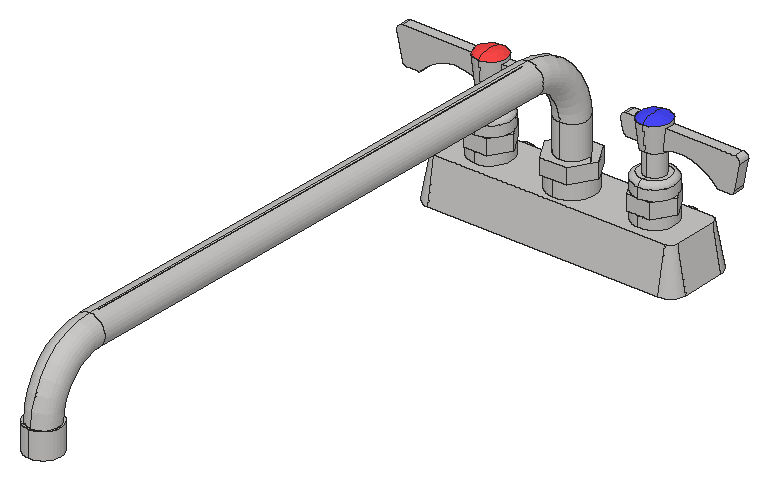
Revit family "Krowne_15-316L_DeckMount_Faucet", category Plumbing Fixtures, Revit 2018
Family settings
  Round Connector Dimension = Use Diameter
  Part Type = Normal
  OmniClass Number = 23.40.40.00
  OmniClass Title = Food Service Equipment and Furnishings
  Work Plane-Based = No
  Always vertical = Yes
  Cut with Voids When Loaded = No
  Shared = No
  Room Calculation Point = No
Parameters (values of type "DefaultType")
  Width = 8 3/8"
  Weight in Pounds = 5
  Watermarked By = ""
  Waste Water Discharge Temperature [instance] = -459.67 °F
  URL Cutsheet = ""
  URL = "https://krowne.com/"
  Status [instance] = ""
  Specification by User [instance] = ""
  Specification by Manufacturer [instance] = ""
  Serial Number [instance] = ""
  Revision Code [instance] = ""
  Plumbing Remarks [instance] = ""
  Plumbing Connection Type = ""
  NAFEM Spec ID Number [instance] = ""
  Model = "15-316L"
  Masterspec [instance] = ""
  Manufacturer = "Krowne Metal"
  KCLRef = "KCL2C9,,0004c585-0000-0000-0000-000000000307,KR,15-316L ,637100877320000000,fa7c22ae-081b-48a5-a0e2-12239ecf32fe,93e9ccc4-f307-4e8d-881c-55a6eb1272c6"
  KCL SpecSheet URL = "http://kclweb.kclcad.com/imagehandler.ashx?kdoc=15-3xxl&R=KR&M=15-316L%20&VC=7&TID=KCLWeb&T=doc"
  Item Number [instance] = "-"
  Installed By [instance] = ""
  Hot Water Temperature = 100 °F
  Hot Water Size = 1/2"
  Hot Water RI Height [instance] = 0"
  Hot Water Minimum Pressure = 0.00 psi
  Hot Water Maximum Pressure = 0.00 psi
  Hot Water Flow = 1.8 GPM
  Hot Water Consumption = 0 GPM
  Hot Water Connection Height = 0"
  Height = 3 3/8"
  Furnished By [instance] = ""
  Foodservice Equipment Identifier = yes
  Description = "Deck Mount Faucet"
  Depth = 1 7/8"
  Cold Water Temperature Recommended = -459.67 °F
  Cold Water Size = 1/2"
  Cold Water RI Height [instance] = 0"
  Cold Water Minimum Pressure = 0.00 psi
  Cold Water Maximum Pressure = 0.00 psi
  Cold Water Flow = 1.8 GPM
  Cold Water Consumption = ""
  Cold Water Connection Height = 0"
  CSI MasterFormat = ""
  Assembly Code = "E1090300"
Reference planes (in)
  plane 1 "BACK": y = 0
  plane 2: z = 0
  plane 3 "LEFT": x = -16.75323
  plane 4 "RIGHT": x = -8.37823
  plane 5 "FRONT": y = -1.875
  plane 6 "TOP": z = 3.375
  plane 7 "CENTER L/R": x = -12.56573
  plane 8 "Top of Body": z = 1.0625
  plane 9: y = -0.9375
  plane 10: z = 2.375
  plane 11: y = -17.0625
  plane 12: z = 4.75
Forms (in)
  Sweep 1, solid, material "QF_Stainless-Polished"
    path origin (-12.56573, 0, 0) x (0, 1, 0) y (0, 0, 1)
      loop
        line (-0.9375, 1.0625) -> (-0.9375, 2.61831)
        arc (-0.9375, 2.61831) -> (-1.3267, 3.57686) -> (-2.27396, 3.99277) r 1.375
        line (-2.27396, 3.99277) -> (-15.64896, 4.36777)
        arc (-15.64896, 4.36777) -> (-16.64605, 3.97912) -> (-17.0625, 2.99331) r 1.375
        line (-17.0625, 2.99331) -> (-17.0625, 2.375)
    profile origin (-12.56573, -0.9375, 1.84041) x (0, -1, 0) y (1, 0, 0)
      loop
        circle (0, 0) r 0.375
      loop
        circle (0, 0) r 0.25
  Extrusion 2, solid, material "QF_Stainless-Polished"
    sketch origin (0, 0, 1.0625) x (0, 1, 0) y (-1, 0, 0)
      loop
        circle (-0.9375, 12.56573) r 0.375
      loop
        circle (-0.9375, 12.56573) r 0.4375
    from 0 to 0.625
  Extrusion 3, solid, material "QF_Stainless-Polished"
    sketch origin (0, 0, 1.0625) x (0, 1, 0) y (-1, 0, 0)
      loop
        circle (-0.9375, 12.56573) r 0.5625
      loop
        circle (-0.9375, 12.56573) r 0.375
    from 0 to 0.375
  Extrusion 4, solid, material "QF_Stainless-Polished"
    sketch origin (0, 0, 1.4375) x (0, 1, 0) y (-1, 0, 0)
      loop
        line (-0.9375, 11.91391) -> (-0.37301, 12.23982) -> (-0.37301, 12.89163) -> (-0.9375, 13.21754) -> (-1.50199, 12.89163) -> (-1.50199, 12.23982) -> (-0.9375, 11.91391)
      loop
        circle (-0.9375, 12.56573) r 0.375
    from 0 to 0.375
  Extrusion 5, solid, material "QF_Stainless-Polished"
    sketch origin (-12.56573, -17.0625, 2.375) x (0, -1, 0) y (-1, 0, 0)
      loop
        circle (0, 0) r 0.375
      loop
        circle (0, 0) r 0.4375
    from 0 to -0.625
Lines and regions (in)
  symbolic lines
    curve 1: line (-12.23982, -0.37301, 0) -> (-12.89163, -0.37301, 0)
    curve 2: line (-12.89163, -0.37301, 0) -> (-13.21754, -0.9375, 0)
    curve 3: line (-13.21754, -0.9375, 0) -> (-12.94073, -1.41696, 0)
    curve 4: line (-12.19073, -1.41696, 0) -> (-11.91391, -0.9375, 0)
    curve 5: line (-11.91391, -0.9375, 0) -> (-12.23982, -0.37301, 0)
    curve 6: arc (-12.56573, -1.3125, 0) -> (-12.94073, -0.9375, 0) -> (-12.56573, -0.5625, 0) r 0.375
    curve 7: arc (-12.56573, -0.5625, 0) -> (-12.19073, -0.9375, 0) -> (-12.56573, -1.3125, 0) r 0.375
    curve 8: arc (-12.94073, -17.0625, 0) -> (-12.83089, -17.32767, 0) -> (-12.56573, -17.4375, 0) r 0.375
    curve 9: arc (-12.56573, -17.4375, 0) -> (-12.30056, -17.32767, 0) -> (-12.19073, -17.0625, 0) r 0.375
    curve 10: line (-12.94073, -17.0625, 0) -> (-12.94073, -0.9375, 0)
    curve 11: line (-12.19073, -0.9375, 0) -> (-12.19073, -17.0625, 0)
Dimensions and locks (in)
  "Width": plane 3 "LEFT" to plane 4 "RIGHT"
  "Depth": plane 5 "FRONT" to plane 1 "BACK"
  "Height": plane 6 "TOP" to plane 2
  plane 8 "Top of Body" to level = 1 1/16"
  equal spacing: plane 5 "FRONT", plane 9, plane 1 "BACK"
  equal spacing: plane 3 "LEFT", plane 7 "CENTER L/R", plane 4 "RIGHT"
  plane 10 to plane 8 "Top of Body" = 1 5/16"
  plane 11 to plane 1 "BACK" = 17 1/16"
  plane 12 to plane 8 "Top of Body" = 3 11/16"
  aligned and locked: level to plane 2
  aligned and locked: plane 9 to Sweep 1 sketch curve
  aligned and locked: Sweep 1 sketch curve to plane 11
  aligned and locked: plane 10 to Sweep 1 sketch curve
Automatic sketch dimensions
  Sweep 1 sketch curve to Sweep 1 sketch curve = 0"  (x2)
  Sweep 1 sketch curve to plane 7 "CENTER L/R" = 0"
  Sweep 1 sketch curve to profile plane = 0"
  Extrusion 2 sketch curve to Extrusion 2 sketch curve = 0"  (x2)
  Extrusion 2 sketch curve to plane 7 "CENTER L/R" = 0"
  plane 9 to Extrusion 2 sketch curve = 0"
  Extrusion 4 sketch curve to Extrusion 4 sketch curve = 0"  (x2)
  Extrusion 4 sketch curve to Extrusion 4 sketch curve = 0.56449"  (x2)
  Extrusion 4 sketch curve to Extrusion 4 sketch curve = 0.32591"  (x5)
  Extrusion 4 sketch curve to Extrusion 4 sketch curve = 0.65182"
  curve 8 to curve 9 = 0"
  plane 9 to curve 2 = 0"
  plane 11 to curve 10 = 0"
  plane 9 to curve 10 = 0"
  curve 6 to plane 7 "CENTER L/R" = 0"
  plane 9 to curve 11 = 0"
  plane 9 to curve 4 = 0"
  plane 9 to curve 6 = 0"
  curve 1 to plane 7 "CENTER L/R" = 0.32591"
  curve 10 to curve 8 = 3/8"
  curve 3 to curve 10 = 0.27682"
  plane 7 "CENTER L/R" to curve 5 = 0.32591"
  curve 11 to curve 4 = 0.27682"
  plane 1 "BACK" to curve 1 = 0.37301"
  curve 3 to curve 6 = 0.10446"
  curve 4 to curve 6 = 0.10446"
  Extrusion 3 sketch curve to Extrusion 3 sketch curve = 0"  (x2)
  Extrusion 3 sketch curve to plane 7 "CENTER L/R" = 0"
  plane 9 to Extrusion 3 sketch curve = 0"
  Sweep 1 sketch curve to plane 8 "Top of Body" = 0"
  Sweep 1 sketch curve to plane 6 "TOP" = 0.38169"
  Sweep 1 sketch curve to plane 12 = 0.38223"
  Sweep 1 sketch curve to Sweep 1 sketch curve = 0.03854"
  plane 5 "FRONT" to Sweep 1 sketch curve = 7/16"
  plane 5 "FRONT" to Sweep 1 sketch curve = 0.39896"
  plane 10 to Sweep 1 sketch curve = 0.24331"
  radius of Sweep 1 sketch curve = 3/8"
  radius of Sweep 1 sketch curve = 1/4"
  radius of Extrusion 2 sketch curve = 3/8"
  radius of Extrusion 2 sketch curve = 7/16"
  radius of Extrusion 4 sketch curve to Extrusion 3 = 0"
  radius of Extrusion 5 sketch curve to Sweep 1 = 0"
  radius of Sweep 1 to Extrusion 5 sketch curve = 1/16"
  radius of Extrusion 3 sketch curve = 9/16"
  radius of Extrusion 3 sketch curve = 3/8"
Nested families (in)
  nested 1: "QF_Krowne_15-3_Body" at (-0.1875, 0, 0), type "QF_Krowne_15-3_Body"
Connectors (in)
  piping at (-14.56573, 0.25, 0.53125), diameter 0.5, driven by "Hot Water Flow", driven by "Hot Water Size"
    settings: on nested 1, index 1, connector inside diameter 24", connector length 0", flow factor 0, pipe flow 1.8 GPM, pressure drop 0.00 psi, fitting loss kfactor 0, connector angle 0.00°, fixture units 0, engagement length 0", angle of deflection 0.00°, flow configuration 1, flow direction 1, fitting loss method 0, system type 19, joint type 0, gender type 0, connector reference index -1, connector utility 0, adjustable connector no, is connector primary yes, connector description "HOT WATER"
  piping at (-10.56573, 0.25, 0.53125), diameter 0.5, driven by "Cold Water Flow", driven by "Cold Water Size"
    settings: on nested 1, index 2, connector inside diameter 24", connector length 0", flow factor 0, pipe flow 1.8 GPM, pressure drop 0.00 psi, fitting loss kfactor 0, connector angle 0.00°, fixture units 0, engagement length 0", angle of deflection 0.00°, flow configuration 1, flow direction 1, fitting loss method 0, system type 20, joint type 0, gender type 0, connector reference index -1, connector utility 0, adjustable connector no, is connector primary no, connector description "COLD WATER"
Definition of nested family "QF_Krowne_15-3_Body"
  Parameters (values of type "QF_Krowne_15-3_Body")
    Width = 8 5/16"
    Watermarked By = ""
    Height = 3 7/8"
    Description = ""
    Depth = 1 13/16"
  Reference planes (in)
    plane 1 "BACK": y = 0
    plane 2: z = 0
    plane 3 "LEFT": x = -16.53448
    plane 4 "RIGHT": x = -8.22198
    plane 5 "TOP": z = 3.1875
    plane 6 "Center": x = -12.37823
    plane 7 "Left of Handle": x = -14.37823
    plane 8 "Right of Handle": x = -10.37823
    plane 9 "Top of Body": z = 1.0625
    plane 10 "FRONT": y = -1.8125
    plane 11: x = -15.56573
    plane 12: x = -9.19073
    plane 13 "Faucet Handle Center": y = -0.90625
    plane 14: y = -0.78125
    plane 15: y = -1.03125
    plane 16: z = 0.53125
    plane 17: z = 3.375
  Forms (in)
    Blend 1, solid
      base sketch origin (0, 0, 0) x (1, 0, 0) y (0, 1, 0)
        loop
          line (-15.19073, -1.8125) -> (-9.56573, -1.8125)
          arc (-9.56573, -1.8125) -> (-9.30056, -1.70267) -> (-9.19073, -1.4375) r 0.375
          line (-9.19073, -1.4375) -> (-9.19073, -0.375)
          arc (-9.19073, -0.375) -> (-9.30056, -0.10983) -> (-9.56573, 0) r 0.375
          line (-9.56573, 0) -> (-15.19073, 0)
          arc (-15.19073, 0) -> (-15.45589, -0.10983) -> (-15.56573, -0.375) r 0.375
          line (-15.56573, -0.375) -> (-15.56573, -1.4375)
          arc (-15.56573, -1.4375) -> (-15.45589, -1.70267) -> (-15.19073, -1.8125) r 0.375
      top sketch origin (0, 0, 0) x (1, 0, 0) y (0, 1, 0)
        loop
          arc (-15.37823, -1.4375) -> (-15.32331, -1.57008) -> (-15.19073, -1.625) r 0.1875
          line (-15.19073, -1.625) -> (-9.56573, -1.625)
          arc (-9.56573, -1.625) -> (-9.43314, -1.57008) -> (-9.37823, -1.4375) r 0.1875
          line (-9.37823, -1.4375) -> (-9.37823, -0.375)
          arc (-9.37823, -0.375) -> (-9.43314, -0.24242) -> (-9.56573, -0.1875) r 0.1875
          line (-9.56573, -0.1875) -> (-15.19073, -0.1875)
          arc (-15.19073, -0.1875) -> (-15.32331, -0.24242) -> (-15.37823, -0.375) r 0.1875
          line (-15.37823, -0.375) -> (-15.37823, -1.4375)
      from 0 to 1.0625
    Extrusion 2, solid
      sketch origin (0, 0, 1.0625) x (0, 1, 0) y (-1, 0, 0)
        loop
          circle (-0.90625, 14.37823) r 0.5
        loop
          circle (-0.90625, 10.37823) r 0.5
      from 0 to 0.25
    Extrusion 3, solid
      sketch origin (0, 0, 1.3125) x (0, 1, 0) y (-1, 0, 0)
        loop
          line (-0.90625, 13.81573) -> (-0.41911, 14.09698) -> (-0.41911, 14.65948) -> (-0.90625, 14.94073) -> (-1.39339, 14.65948) -> (-1.39339, 14.09698) -> (-0.90625, 13.81573)
        loop
          line (-0.90625, 9.81573) -> (-0.41911, 10.09698) -> (-0.41911, 10.65948) -> (-0.90625, 10.94073) -> (-1.39339, 10.65948) -> (-1.39339, 10.09698) -> (-0.90625, 9.81573)
      from 0 to 0.375
    Revolve 4, solid
      sketch origin (-14.37823, 0, 0) x (0, 1, 0) y (0, 0, 1)
        loop
          line (-0.90625, 1.6875) -> (-0.40625, 1.6875) -> (-0.40625, 1.9375)
          arc (-0.40625, 1.9375) -> (-0.44286, 2.02589) -> (-0.53125, 2.0625) r 0.125
          line (-0.53125, 2.0625) -> (-0.90625, 2.0625) -> (-0.90625, 1.6875)
        axis (-0.90625, 1.6875) -> (-0.90625, 2.0625)
      angle from 0 to 360
    Revolve 5, solid
      sketch origin (-10.37823, 0, 0) x (0, 1, 0) y (0, 0, 1)
        loop
          line (-0.90625, 1.6875) -> (-0.40625, 1.6875) -> (-0.40625, 1.9375)
          arc (-0.40625, 1.9375) -> (-0.44286, 2.02589) -> (-0.53125, 2.0625) r 0.125
          line (-0.53125, 2.0625) -> (-0.90625, 2.0625) -> (-0.90625, 1.6875)
        axis (-0.90625, 1.6875) -> (-0.90625, 2.0625)
      angle from 0 to 360
    Revolve 6, solid
      sketch origin (-10.37823, 0, 0) x (0, 1, 0) y (0, 0, 1)
        loop
          line (-0.90625, 2.0625) -> (-0.65625, 2.0625) -> (-0.65625, 2.625) -> (-0.90625, 2.625) -> (-0.90625, 2.0625)
        axis (-0.90625, 2.0625) -> (-0.90625, 2.625)
      angle from 0 to 360
    Revolve 7, solid
      sketch origin (-14.37823, 0, 0) x (0, 1, 0) y (0, 0, 1)
        loop
          line (-0.90625, 2.0625) -> (-0.65625, 2.0625) -> (-0.65625, 2.625) -> (-0.90625, 2.625) -> (-0.90625, 2.0625)
        axis (-0.90625, 2.0625) -> (-0.90625, 2.625)
      angle from 0 to 360
    Revolve 8, solid
      sketch origin (-14.37823, 0, 0) x (0, 1, 0) y (0, 0, 1)
        loop
          line (-0.90625, 2.625) -> (-0.59375, 2.625) -> (-0.53125, 3.25) -> (-0.90625, 3.25) -> (-0.90625, 2.625)
        axis (-0.90625, 2.625) -> (-0.90625, 3.25)
      angle from 0 to 360
    Revolve 9, solid
      sketch origin (-10.37823, 0, 0) x (0, 1, 0) y (0, 0, 1)
        loop
          line (-0.90625, 2.625) -> (-0.59375, 2.625) -> (-0.53125, 3.25) -> (-0.90625, 3.25) -> (-0.90625, 2.625)
        axis (-0.90625, 2.625) -> (-0.90625, 3.25)
      angle from 0 to 360
    Revolve 10, solid
      sketch origin (-14.37823, 0, 0) x (0, 1, 0) y (0, 0, 1)
        loop
          line (-0.90625, 3.25) -> (-0.53125, 3.25)
          arc (-0.53125, 3.25) -> (-0.70704, 3.34763) -> (-0.90625, 3.375) r 0.54601
          line (-0.90625, 3.375) -> (-0.90625, 3.25)
        axis (-0.90625, 3.25) -> (-0.90625, 3.375)
      angle from 0 to 360
    Revolve 11, solid
      sketch origin (-10.37823, 0, 0) x (0, 1, 0) y (0, 0, 1)
        loop
          line (-0.90625, 3.25) -> (-0.53125, 3.25)
          arc (-0.53125, 3.25) -> (-0.70704, 3.34763) -> (-0.90625, 3.375) r 0.54601
          line (-0.90625, 3.375) -> (-0.90625, 3.25)
        axis (-0.90625, 3.25) -> (-0.90625, 3.375)
      angle from 0 to 360
    Extrusion 12, solid
      sketch origin (0, 0, 0) x (1, 0, 0) y (0, 0, 1)
        loop
          circle (-14.37823, 0.53125) r 0.25
        loop
          circle (-10.37823, 0.53125) r 0.25
      from 0.21074 to -0.25
    Extrusion 13, solid
      sketch origin (0, -0.90625, 0) x (1, 0, 0) y (0, 0, 1)
        loop
          arc (-16.43825, 3.1875) -> (-16.53492, 3.14175) -> (-16.56082, 3.03799) r 0.125
          line (-16.56082, 3.03799) -> (-16.43584, 2.41303)
          arc (-16.43584, 2.41303) -> (-16.39251, 2.34087) -> (-16.31326, 2.31254) r 0.125
          line (-16.31326, 2.31254) -> (-16.06338, 2.31254)
          arc (-16.06338, 2.31254) -> (-16.01059, 2.32423) -> (-15.96768, 2.35712) r 0.125
          arc (-15.96768, 2.35712) -> (-15.39497, 2.72229) -> (-14.7163, 2.69449) r 1.13354
          arc (-14.7163, 2.69449) -> (-14.69547, 2.68898) -> (-14.674, 2.68712) r 0.125
          line (-14.674, 2.68712) -> (-13.83077, 2.68712)
          arc (-13.83077, 2.68712) -> (-13.75152, 2.71545) -> (-13.7082, 2.78761) r 0.125
          line (-13.7082, 2.78761) -> (-13.65813, 3.03799)
          arc (-13.65813, 3.03799) -> (-13.68403, 3.14175) -> (-13.7807, 3.1875) r 0.125
          line (-13.7807, 3.1875) -> (-16.43825, 3.1875)
        loop
          line (-8.3182, 3.1875) -> (-10.97575, 3.1875)
          arc (-10.97575, 3.1875) -> (-11.07242, 3.14175) -> (-11.09832, 3.03799) r 0.125
          line (-11.09832, 3.03799) -> (-11.04825, 2.78761)
          arc (-11.04825, 2.78761) -> (-11.00493, 2.71545) -> (-10.92568, 2.68712) r 0.125
          line (-10.92568, 2.68712) -> (-10.08245, 2.68712)
          arc (-10.08245, 2.68712) -> (-10.06098, 2.68898) -> (-10.04015, 2.69449) r 0.125
          arc (-10.04015, 2.69449) -> (-9.36148, 2.72229) -> (-8.78877, 2.35712) r 1.13354
          arc (-8.78877, 2.35712) -> (-8.74586, 2.32423) -> (-8.69307, 2.31254) r 0.125
          line (-8.69307, 2.31254) -> (-8.44319, 2.31254)
          arc (-8.44319, 2.31254) -> (-8.36394, 2.34087) -> (-8.32061, 2.41303) r 0.125
          line (-8.32061, 2.41303) -> (-8.19563, 3.03799)
          arc (-8.19563, 3.03799) -> (-8.22153, 3.14175) -> (-8.3182, 3.1875) r 0.125
      from -0.125 to 0.125
  Lines and regions (in)
    symbolic lines
      curve 1: line (-16.56082, -0.78125, 1.0625) -> (-13.6557, -0.78125, 1.0625)
      curve 2: line (-16.56082, -1.03125, 1.0625) -> (-16.56082, -0.78125, 1.0625)
      curve 3: line (-13.6557, -1.03125, 1.0625) -> (-16.56082, -1.03125, 1.0625)
      curve 4: line (-13.6557, -0.78125, 1.0625) -> (-13.6557, -1.03125, 1.0625)
      curve 5: line (-8.22198, -0.78125, 1.0625) -> (-11.10075, -0.78125, 1.0625)
      curve 6: line (-8.22198, -1.03125, 1.0625) -> (-8.22198, -0.78125, 1.0625)
      curve 7: line (-11.10075, -1.03125, 1.0625) -> (-8.22198, -1.03125, 1.0625)
      curve 8: line (-11.10075, -0.78125, 1.0625) -> (-11.10075, -1.03125, 1.0625)
      curve 9: line (-9.56573, 0, 1.0625) -> (-15.19073, 0, 1.0625)
      curve 10: line (-9.19073, -1.4375, 1.0625) -> (-9.19073, -1.03125, 1.0625)
      curve 11: line (-15.19073, -1.8125, 1.0625) -> (-9.56573, -1.8125, 1.0625)
      curve 12: line (-15.56573, -0.375, 1.0625) -> (-15.56573, -0.78125, 1.0625)
      curve 13: line (-15.56573, -1.03125, 1.0625) -> (-15.56573, -1.4375, 1.0625)
      curve 14: line (-9.19073, -0.78125, 1.0625) -> (-9.19073, -0.375, 1.0625)
      curve 15: line (-14.65948, -0.41911, 1.0625) -> (-14.86856, -0.78125, 1.0625)
      curve 16: line (-14.65948, -0.41911, 1.0625) -> (-14.09698, -0.41911, 1.0625)
      curve 17: line (-14.09698, -0.41911, 1.0625) -> (-13.88789, -0.78125, 1.0625)
      curve 18: line (-14.09698, -1.39339, 1.0625) -> (-14.65948, -1.39339, 1.0625)
      curve 19: line (-14.65948, -1.39339, 1.0625) -> (-14.86856, -1.03125, 1.0625)
      curve 20: line (-14.09698, -1.39339, 1.0625) -> (-13.88789, -1.03125, 1.0625)
      curve 21: line (-10.65948, -0.41911, 1.0625) -> (-10.09698, -0.41911, 1.0625)
      curve 22: line (-10.09698, -0.41911, 1.0625) -> (-9.88789, -0.78125, 1.0625)
      curve 23: line (-10.65948, -0.41911, 1.0625) -> (-10.86856, -0.78125, 1.0625)
      curve 24: line (-10.09698, -1.39339, 1.0625) -> (-10.65948, -1.39339, 1.0625)
      curve 25: line (-10.65948, -1.39339, 1.0625) -> (-10.86856, -1.03125, 1.0625)
      curve 26: line (-10.09698, -1.39339, 1.0625) -> (-9.88789, -1.03125, 1.0625)
      curve 27: arc (-15.56573, -0.375, 1.0625) -> (-15.45589, -0.10983, 1.0625) -> (-15.19073, 0, 1.0625) r 0.375
      curve 28: arc (-9.19073, -0.375, 1.0625) -> (-9.30056, -0.10983, 1.0625) -> (-9.56573, 0, 1.0625) r 0.375
      curve 29: arc (-9.19073, -1.4375, 1.0625) -> (-9.30056, -1.70267, 1.0625) -> (-9.56573, -1.8125, 1.0625) r 0.375
      curve 30: arc (-15.19073, -1.8125, 1.0625) -> (-15.45589, -1.70267, 1.0625) -> (-15.56573, -1.4375, 1.0625) r 0.375
      curve 31: line (-9.56573, -0.1875, 1.0625) -> (-15.19073, -0.1875, 1.0625)
      curve 32: arc (-15.19073, -0.1875, 1.0625) -> (-15.32331, -0.24242, 1.0625) -> (-15.37823, -0.375, 1.0625) r 0.1875
      curve 33: arc (-15.37823, -1.4375, 1.0625) -> (-15.32331, -1.57008, 1.0625) -> (-15.19073, -1.625, 1.0625) r 0.1875
      curve 34: line (-15.19073, -1.625, 1.0625) -> (-9.56573, -1.625, 1.0625)
      curve 35: arc (-9.56573, -1.625, 1.0625) -> (-9.43314, -1.57008, 1.0625) -> (-9.37823, -1.4375, 1.0625) r 0.1875
      curve 36: arc (-9.37823, -0.375, 1.0625) -> (-9.43314, -0.24242, 1.0625) -> (-9.56573, -0.1875, 1.0625) r 0.1875
      curve 37: line (-9.37823, -0.375, 1.0625) -> (-9.37823, -0.78125, 1.0625)
      curve 38: line (-9.37823, -1.4375, 1.0625) -> (-9.37823, -1.03125, 1.0625)
      curve 39: line (-15.37823, -1.4375, 1.0625) -> (-15.37823, -1.03125, 1.0625)
      curve 40: line (-15.37823, -0.375, 1.0625) -> (-15.37823, -0.78125, 1.0625)
  Dimensions and locks (in)
    "Width": plane 3 "LEFT" to plane 4 "RIGHT"
    equal spacing: plane 3 "LEFT", plane 6 "Center", plane 4 "RIGHT"
    equal spacing: plane 7 "Left of Handle", plane 6 "Center", plane 8 "Right of Handle"
    plane 9 "Top of Body" to level = 1 1/16"
    equal spacing: plane 10 "FRONT", plane 13 "Faucet Handle Center", plane 1 "BACK"
    equal spacing: plane 15, plane 13 "Faucet Handle Center", plane 14
    locked: plane 15 to plane 14 at 0.25
    equal spacing: plane 9 "Top of Body", plane 16, level
    plane 7 "Left of Handle" to plane 8 "Right of Handle" = 4"
    "Depth": plane 10 "FRONT" to plane 1 "BACK"
    plane 6 "Center" to plane 12 = 3 3/16"
    plane 11 to plane 6 "Center" = 3 3/16"
    plane 5 "TOP" to level = 3 3/16"
    plane 17 to level = 3 3/8"
    aligned and locked: level to plane 2
    aligned and locked: plane 9 "Top of Body" to Blend 1
    aligned and locked: Extrusion 3 to Revolve 5 sketch curve
    aligned and locked: Revolve 8 sketch curve to Revolve 8 sketch curve
    aligned and locked: Revolve 9 sketch curve to Revolve 9 sketch curve
    aligned and locked: plane 4 "RIGHT" to curve 6
    aligned and locked: curve 12 to plane 11
    aligned and locked: Extrusion 13 sketch curve to plane 5 "TOP"
    aligned and locked: plane 5 "TOP" to Extrusion 13 sketch curve
    aligned and locked: Extrusion 13 to plane 14
    aligned and locked: plane 15 to Extrusion 13
    aligned and locked: plane 10 "FRONT" to Blend 1 sketch curve
    aligned and locked: Blend 1 sketch curve to plane 11
    aligned and locked: plane 10 "FRONT" to curve 11
    aligned and locked: plane 13 "Faucet Handle Center" to Revolve 5 sketch curve
  Automatic sketch dimensions
    Extrusion 2 sketch curve to plane 8 "Right of Handle" = 0"
    plane 13 "Faucet Handle Center" to Extrusion 2 sketch curve = 0"  (x2)
    Extrusion 2 sketch curve to plane 7 "Left of Handle" = 0"
    Revolve 4 sketch curve to plane 13 "Faucet Handle Center" = 0"  (x2)
    Revolve 4 sketch curve to Revolve 4 sketch curve = 3/8"
    Revolve 4 sketch curve to Revolve 4 sketch curve = 1/8"
    plane 9 "Top of Body" to Revolve 4 sketch curve = 5/8"
    Revolve 4 sketch curve to Revolve 4 sketch curve = 1/4"
    Revolve 4 sketch curve to Revolve 4 sketch curve = 0"  (x2)
    Revolve 5 sketch curve to plane 13 "Faucet Handle Center" = 0"
    Revolve 5 sketch curve to Revolve 5 sketch curve = 3/8"
    Revolve 5 sketch curve to Revolve 5 sketch curve = 1/8"
    Revolve 5 sketch curve to Revolve 5 sketch curve = 0"  (x2)
    Revolve 5 sketch curve to Revolve 5 sketch curve = 1/4"
    Revolve 6 sketch curve to plane 13 "Faucet Handle Center" = 0"  (x2)
    Revolve 6 sketch curve to plane 13 "Faucet Handle Center" = 1/4"
    plane 9 "Top of Body" to Revolve 6 sketch curve = 1"
    Revolve 6 sketch curve to Revolve 6 sketch curve = 9/16"
    Revolve 6 sketch curve to Revolve 6 sketch curve = 3/8"
    Revolve 6 sketch curve to Revolve 6 sketch curve = 0"
    Revolve 7 sketch curve to plane 13 "Faucet Handle Center" = 0"  (x2)
    Revolve 7 sketch curve to Revolve 7 sketch curve = 1/4"
    plane 9 "Top of Body" to Revolve 7 sketch curve = 1"
    Revolve 7 sketch curve to Revolve 7 sketch curve = 9/16"
    Revolve 7 sketch curve to Revolve 7 sketch curve = 3/8"
    Revolve 7 sketch curve to Revolve 7 sketch curve = 0"
    Revolve 8 sketch curve to plane 13 "Faucet Handle Center" = 0"
    Revolve 8 sketch curve to Revolve 8 sketch curve = 5/16"
    plane 5 "TOP" to Revolve 8 sketch curve = 1/16"
    Revolve 8 sketch curve to Revolve 8 sketch curve = 3/8"
    Revolve 8 sketch curve to plane 5 "TOP" = 9/16"
    Revolve 8 sketch curve to Revolve 8 sketch curve = 0"  (x2)
    Revolve 9 sketch curve to plane 13 "Faucet Handle Center" = 0"
    Revolve 9 sketch curve to plane 13 "Faucet Handle Center" = 5/16"
    plane 5 "TOP" to Revolve 9 sketch curve = 1/16"
    Revolve 9 sketch curve to plane 13 "Faucet Handle Center" = 3/8"
    Revolve 9 sketch curve to plane 5 "TOP" = 9/16"
    Revolve 9 sketch curve to Revolve 9 sketch curve = 0"  (x2)
    Revolve 10 sketch curve to plane 13 "Faucet Handle Center" = 0"  (x2)
    Revolve 10 sketch curve to plane 13 "Faucet Handle Center" = 0.02655"
    plane 5 "TOP" to Revolve 10 sketch curve = 1/16"
    Revolve 10 sketch curve to Revolve 10 sketch curve = 3/8"
    Revolve 10 sketch curve to plane 5 "TOP" = 0.35786"
    Revolve 10 sketch curve to Revolve 10 sketch curve = 0"  (x2)
    Revolve 11 sketch curve to plane 13 "Faucet Handle Center" = 0"  (x2)
    Revolve 11 sketch curve to plane 13 "Faucet Handle Center" = 0.02655"
    plane 5 "TOP" to Revolve 11 sketch curve = 1/16"
    Revolve 11 sketch curve to Revolve 11 sketch curve = 3/8"
    Revolve 11 sketch curve to plane 5 "TOP" = 0.35786"
    Revolve 11 sketch curve to Revolve 11 sketch curve = 0"  (x2)
    Extrusion 12 sketch curve to plane 7 "Left of Handle" = 0"
    Extrusion 12 sketch curve to plane 8 "Right of Handle" = 0"
    Extrusion 12 sketch curve to plane 16 = 0"  (x2)
    Extrusion 13 sketch curve to plane 7 "Left of Handle" = 0.29578"
    plane 11 to Extrusion 13 sketch curve = 0.46583"
    plane 3 "LEFT" to Extrusion 13 sketch curve = 0.4711"
    plane 3 "LEFT" to Extrusion 13 sketch curve = 0.22121"
    plane 3 "LEFT" to Extrusion 13 sketch curve = 0.09864"
    plane 3 "LEFT" to Extrusion 13 sketch curve = 0.09623"
    Extrusion 13 sketch curve to plane 3 "LEFT" = 0.02635"
    plane 7 "Left of Handle" to Extrusion 13 sketch curve = 0.54745"
    Extrusion 13 sketch curve to plane 5 "TOP" = 1/8"  (x2)
    Extrusion 13 sketch curve to Extrusion 13 sketch curve = 0.05007"  (x2)
    Extrusion 13 sketch curve to plane 5 "TOP" = 0.39989"
    Extrusion 13 sketch curve to Extrusion 13 sketch curve = 0.12257"  (x2)
    Extrusion 13 sketch curve to plane 5 "TOP" = 0.14951"  (x4)
    Extrusion 13 sketch curve to plane 8 "Right of Handle" = 0.7201"
    plane 8 "Right of Handle" to Extrusion 13 sketch curve = 0.29578"
    Extrusion 13 sketch curve to plane 12 = 0.46583"
    Extrusion 13 sketch curve to plane 4 "RIGHT" = 0.4711"
    Extrusion 13 sketch curve to plane 4 "RIGHT" = 0.22121"
    Extrusion 13 sketch curve to plane 4 "RIGHT" = 0.09864"
    Extrusion 13 sketch curve to plane 4 "RIGHT" = 0.09623"
    plane 4 "RIGHT" to Extrusion 13 sketch curve = 0.02635"
    Extrusion 13 sketch curve to Extrusion 13 sketch curve = 0.25038"
    Extrusion 13 sketch curve to Extrusion 13 sketch curve = 0.10049"  (x2)
    Extrusion 13 sketch curve to plane 5 "TOP" = 0.74996"  (x2)
    Extrusion 13 sketch curve to Extrusion 13 sketch curve = 0"  (x4)
    Extrusion 13 sketch curve to Extrusion 13 sketch curve = 0.02451"  (x2)
    plane 9 "Top of Body" to Extrusion 13 sketch curve = 0.56533"  (x2)
    Extrusion 13 sketch curve to Extrusion 13 sketch curve = 1/8"  (x2)
    plane 11 to Blend 1 sketch curve = 3/8"
    Blend 1 sketch curve to Blend 1 sketch curve = 3/8"
    plane 1 "BACK" to Blend 1 sketch curve = 3/8"  (x2)
    Blend 1 sketch curve to plane 12 = 3/8"
    Blend 1 sketch curve to plane 12 = 3/16"
    Blend 1 sketch curve to Blend 1 sketch curve = 3/16"  (x4)
    plane 11 to Blend 1 sketch curve = 3/16"
    Blend 1 sketch curve to plane 10 "FRONT" = 3/8"
    plane 1 "BACK" to Blend 1 sketch curve = 0"
    Blend 1 sketch curve to plane 12 = 0"
    curve 27 to curve 32 = 0"  (x2)
    curve 28 to curve 36 = 0"  (x2)
    curve 29 to curve 35 = 0"  (x2)
    curve 30 to curve 33 = 0"  (x2)
    curve 30 to plane 11 = 0"
    curve 29 to plane 12 = 0"
    plane 15 to curve 4 = 0"
    plane 15 to curve 26 = 0"
    plane 14 to curve 40 = 0"
    plane 14 to curve 23 = 0"
    curve 14 to plane 12 = 0"
    plane 1 "BACK" to curve 9 = 0"
    curve 34 to plane 10 "FRONT" = 3/16"
    curve 33 to curve 33 = 3/16"
    curve 34 to curve 35 = 3/16"
    plane 15 to curve 26 = 0.36214"
    plane 15 to curve 20 = 0.36214"
    curve 17 to plane 14 = 0.36214"
    curve 23 to plane 14 = 0.36214"
    curve 27 to curve 27 = 3/8"
    plane 1 "BACK" to curve 14 = 3/8"
    curve 31 to curve 28 = 3/16"
    plane 8 "Right of Handle" to curve 22 = 9/32"
    plane 8 "Right of Handle" to curve 24 = 9/32"
    curve 24 to plane 8 "Right of Handle" = 9/32"
    curve 21 to plane 8 "Right of Handle" = 9/32"
    curve 21 to curve 8 = 0.44128"
    plane 7 "Left of Handle" to curve 4 = 0.72253"
    plane 7 "Left of Handle" to curve 20 = 9/32"
    plane 7 "Left of Handle" to curve 17 = 9/32"
    curve 19 to plane 7 "Left of Handle" = 9/32"
    curve 16 to plane 7 "Left of Handle" = 9/32"
    curve 2 to plane 3 "LEFT" = 0.02635"
    curve 22 to curve 21 = 0.20908"
    curve 26 to curve 22 = 0"
    curve 23 to curve 5 = 0.2322"
    curve 25 to curve 7 = 0.2322"
    curve 3 to curve 20 = 0.2322"
    curve 1 to curve 17 = 0.2322"
    curve 18 to curve 19 = 0.20908"
    curve 15 to curve 19 = 0"
    Extrusion 3 sketch curve to Extrusion 3 sketch curve = 0"
    Extrusion 3 sketch curve to Extrusion 3 sketch curve = 0.48714"  (x6)
    Extrusion 3 sketch curve to Extrusion 3 sketch curve = 9/32"  (x6)
    Extrusion 3 sketch curve to Extrusion 3 sketch curve = 9/16"  (x4)
    Extrusion 3 sketch curve to Extrusion 3 sketch curve = 2 7/8"
    radius of Extrusion 2 sketch curve = 1/2"  (x2)
    radius of Extrusion 12 sketch curve = 1/4"  (x2)
